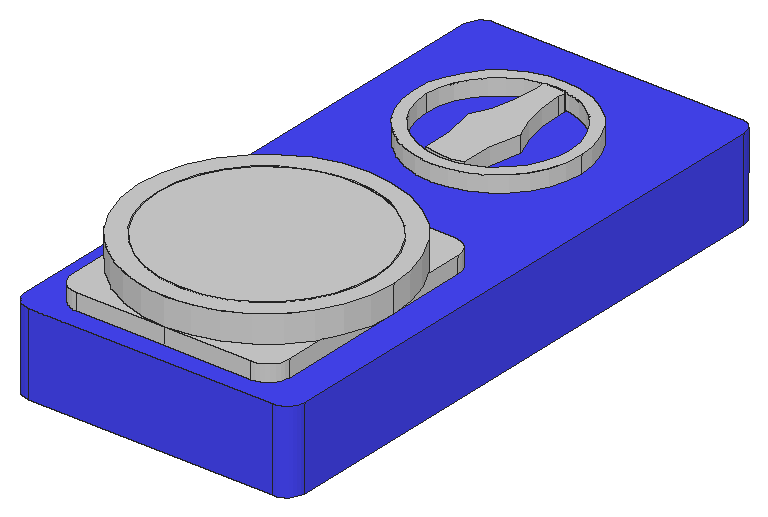
Revit family "Building-ConnessioniIEC309-GEWISS-67IB-PRESE-INTERBLOCCATE_IP67_SENZA_FONDO", category Apparecchi elettrici, host Superficie, Revit 2019
Family settings
  Host = Superficie
  Mantenere orientamento annotazione = Sì
  Quota connettore circolare = Usa diametro
  Tipo di parte = Normale
  Taglio con vuoti quando caricato = Sì
  Condiviso = Sì
  Punto di calcolo locali = Sì
Parameters (values of type "GW66357N - PR.BL IP67 S.F.3P+T 32A 380V 3H SBF")
  presa = rosso
  giallo = 0 mm
  dist_piano [instance] = 0 mm
  Vista_2d_pianta [instance] = yes
  Versione file RFA = "21.4"
  URL = "https://www.gewiss.com/it/it"
  Tipologia = "Verticale"
  Termopressione con biglia = "125 °C"
  Tensione nominale: = "380 - 440 V"
  Tensione nominale = "380 - 440 V"
  Temperatura di utilizzo = "-25 +40 °C"
  Temperatura di funzionamento = "-25 ÷ +40 °C"
  Struttura = Grigio RAL - 7035
  Simbolo presa = PRESAINDSTAGNA : 3P
  Simbolo [instance] = no
  Simb_circuito [instance] = not(Simbolo)  # yes
  Scheda Tecnica = "https://www.gewiss.com/it/it/search?q=GW66357N"
  SEO = "Presa"
  Riferimento h = "3"
  Resistenza agli urti = "IK08"
  Protezione = "NO (SBF)"
  Default Elevation = 1219.2 mm
  Produttore = "GEWISS S.p.A."
  Numero di poli = "3P+T"
  N. poli = "3P+T"
  Modello = "GW66357N"
  Immagine tipo = C.jpg
  IDT = "c02ff193-3075-4b5a-ac4b-08e79c84e21a"
  IDF = "83dda967-4c3d-4226-aae9-dec1695c669e"
  Grado di protezione = "IP67"
  Glow wire test: = "850 °C"
  Glow Wire Test = "850 °C"
  Frequenza nominale (Hz) = "50/60 Hz"
  Frequenza = "50/60 Hz"
  Distanza x [instance] = 0 mm
  Distanza orizzontale simbolo [instance] = 0 mm
  Distanza effettiva x [instance] = 1500 mm - Distanza x  # 1500 mm
  Descrizione = "PR.BL IP67 S.F.3P+T 32A 380V 3H SBF"
  Creato da GEWISS S.p.A. = ""
  Corrente nominale (In) = "32"
  Corrente nominale (A) = "32"
  Corpo presa = GEWISS -BLU
  Cornice simbolo [instance] = yes
  Con fondo = "No"
  Colore: = "Rosso"
  Colore = "Rosso"
  Codice Electrocod = "2222"
  Codice EAN = "8011564742116"
  Catalogo Serie = "67 IB"
  Catalogo = "BUILDING"
  COBie.Tagnumber = ""
  COBie.CreatedOn = ""
  COBie.CreatebBy = ""
  COBie.ComponentRegisterItemID = ""
  COBie.Component.TagNumber = ""
  COBie.Component.Space = ""
  COBie.Component.SerialNumber = ""
  COBie.Component.InstallationDate = ""
  COBie.Component.Description = ""
  COBie.Component.BarCode = ""
Types (23, lengths in mm): name | Tensione nominale: | Tensione nominale | Scheda Tecnica | Riferimento h | Numero di poli | N. poli | Modello | IDT | Descrizione | Corrente nominale (In) | Corrente nominale (A) | Colore: | Colore | Codice EAN
  GW66301N - PR.BL IP67 S.F.2P+T 16A 110V 4H SBF | "100 - 130 V" | "100 - 130 V" | "https://www.gewiss.com/it/it/search?q=GW66301N" | "4" | "2P+T" | "2P+T" | "GW66301N" | "1fb9f3ad-5e5b-49f7-bd51-87b15efa7457" | "PR.BL IP67 S.F.2P+T 16A 110V 4H SBF" | "16" | "16" | "Giallo" | "Giallo" | "8011564741560"
  GW66302N - PR.BL IP67 S.F.3P+T 16A 110V 4H SBF | "100 - 130 V" | "100 - 130 V" | "https://www.gewiss.com/it/it/search?q=GW66302N" | "4" | "3P+T" | "3P+T" | "GW66302N" | "d76a8e6a-f22b-498f-b40c-c817641f666d" | "PR.BL IP67 S.F.3P+T 16A 110V 4H SBF" | "16" | "16" | "Giallo" | "Giallo" | "8011564741577"
  GW66303N - PR.BL IP67 S.F.3P+N+T 16A 110V 4H SBF | "100 - 130 V" | "100 - 130 V" | "https://www.gewiss.com/it/it/search?q=GW66303N" | "4" | "3P+N+T" | "3P+N+T" | "GW66303N" | "fa2fca33-36dd-4127-9653-6c48f71cc3f4" | "PR.BL IP67 S.F.3P+N+T 16A 110V 4H SBF" | "16" | "16" | "Giallo" | "Giallo" | "8011564741584"
  GW66304N - PR.BL IP67 S.F.2P+T 16A 230V 6H SBF | "200 - 250 V" | "200 - 250 V" | "https://www.gewiss.com/it/it/search?q=GW66304N" | "6" | "2P+T" | "2P+T" | "GW66304N" | "d421af1f-dea4-4f3e-8455-e2db01ab88bf" | "PR.BL IP67 S.F.2P+T 16A 230V 6H SBF" | "16" | "16" | "Blu" | "Blu" | "8011564741591"
  GW66305N - PR.BL IP67 S.F.3P+T 16A 230V 9H SBF | "200 - 250 V" | "200 - 250 V" | "https://www.gewiss.com/it/it/search?q=GW66305N" | "9" | "3P+T" | "3P+T" | "GW66305N" | "4f49d35e-1477-4fb3-8ba1-6e93a982f08f" | "PR.BL IP67 S.F.3P+T 16A 230V 9H SBF" | "16" | "16" | "Blu" | "Blu" | "8011564741607"
  GW66306N - PR.BL IP67 S.F.3P+N+T 16A 230V 9H SBF | "200 - 250 V" | "200 - 250 V" | "https://www.gewiss.com/it/it/search?q=GW66306N" | "9" | "3P+N+T" | "3P+N+T" | "GW66306N" | "5e8b19e6-d986-45cf-aa7a-fde1693e1db7" | "PR.BL IP67 S.F.3P+N+T 16A 230V 9H SBF" | "16" | "16" | "Blu" | "Blu" | "8011564741614"
  GW66307N - PR.BL IP67 S.F.2P+T 16A 400V 9H SBF | "380 - 415 V" | "380 - 415 V" | "https://www.gewiss.com/it/it/search?q=GW66307N" | "9" | "2P+T" | "2P+T" | "GW66307N" | "5afcc77c-1db4-4fa3-85b9-b415a9a7cb98" | "PR.BL IP67 S.F.2P+T 16A 400V 9H SBF" | "16" | "16" | "Rosso" | "Rosso" | "8011564741621"
  GW66308N - PR.BL IP67 S.F.3P+T 16A 400V 6H SBF | "380 - 415 V" | "380 - 415 V" | "https://www.gewiss.com/it/it/search?q=GW66308N" | "6" | "3P+T" | "3P+T" | "GW66308N" | "3b46b53c-a713-49d6-a213-0c6e885ae3a7" | "PR.BL IP67 S.F.3P+T 16A 400V 6H SBF" | "16" | "16" | "Rosso" | "Rosso" | "8011564741638"
  GW66309N - PR.BL IP67 S.F.3P+N+T 16A 400V 6H SBF | "380 - 415 V" | "380 - 415 V" | "https://www.gewiss.com/it/it/search?q=GW66309N" | "6" | "3P+N+T" | "3P+N+T" | "GW66309N" | "79124a5a-4e34-40a6-9e89-7dbde872828d" | "PR.BL IP67 S.F.3P+N+T 16A 400V 6H SBF" | "16" | "16" | "Rosso" | "Rosso" | "8011564741645"
  GW66310N - PR.BL IP67 S.F.3P+T 16A 500V 7H SBF | "480 - 500 V" | "480 - 500 V" | "https://www.gewiss.com/it/it/search?q=GW66310N" | "7" | "3P+T" | "3P+T" | "GW66310N" | "0a33f502-2c97-4aad-8415-416df6868e0d" | "PR.BL IP67 S.F.3P+T 16A 500V 7H SBF" | "16" | "16" | "Nero" | "Nero" | "8011564741652"
  GW66311N - PR.BL IP67 S.F.3P+N+T 16A 500V 7H SBF | "480 - 500 V" | "480 - 500 V" | "https://www.gewiss.com/it/it/search?q=GW66311N" | "7" | "3P+N+T" | "3P+N+T" | "GW66311N" | "fe4f7bea-3d0d-41aa-8395-f3a04442719d" | "PR.BL IP67 S.F.3P+N+T 16A 500V 7H SBF" | "16" | "16" | "Nero" | "Nero" | "8011564741669"
  GW66312N - PR.BL IP67 S.F.2P+T 32A 110V 4H SBF | "100 - 130 V" | "100 - 130 V" | "https://www.gewiss.com/it/it/search?q=GW66312N" | "4" | "2P+T" | "2P+T" | "GW66312N" | "e7f30baf-6d72-433e-8267-587e6466b320" | "PR.BL IP67 S.F.2P+T 32A 110V 4H SBF" | "32" | "32" | "Giallo" | "Giallo" | "8011564741676"
  GW66313N - PR.BL IP67 S.F.3P+T 32A 110V 4H SBF | "100 - 130 V" | "100 - 130 V" | "https://www.gewiss.com/it/it/search?q=GW66313N" | "4" | "3P+T" | "3P+T" | "GW66313N" | "30e0181a-1585-4a73-8968-dd7d21b4d40a" | "PR.BL IP67 S.F.3P+T 32A 110V 4H SBF" | "32" | "32" | "Giallo" | "Giallo" | "8011564741683"
  GW66314N - PR.BL IP67 S.F.3P+N+T 32A 110V 4H SBF | "100 - 130 V" | "100 - 130 V" | "https://www.gewiss.com/it/it/search?q=GW66314N" | "4" | "3P+N+T" | "3P+N+T" | "GW66314N" | "4e80f8e2-55a5-49bf-854b-e14bd3cf1a8b" | "PR.BL IP67 S.F.3P+N+T 32A 110V 4H SBF" | "32" | "32" | "Giallo" | "Giallo" | "8011564741690"
  GW66315N - PR.BL IP67 S.F.2P+T 32A 230V 6H SBF | "200 - 250 V" | "200 - 250 V" | "https://www.gewiss.com/it/it/search?q=GW66315N" | "6" | "2P+T" | "2P+T" | "GW66315N" | "691c93a8-a2ae-407b-92ba-29b71341c377" | "PR.BL IP67 S.F.2P+T 32A 230V 6H SBF" | "32" | "32" | "Blu" | "Blu" | "8011564741706"
  GW66316N - PR.BL IP67 S.F.3P+T 32A 230V 9H SBF | "200 - 250 V" | "200 - 250 V" | "https://www.gewiss.com/it/it/search?q=GW66316N" | "9" | "3P+T" | "3P+T" | "GW66316N" | "08f4e14f-baad-43c4-b7db-831c9d60c77a" | "PR.BL IP67 S.F.3P+T 32A 230V 9H SBF" | "32" | "32" | "Blu" | "Blu" | "8011564741713"
  GW66317N - PR.BL IP67 S.F.3P+N+T 32A 230V 9H SBF | "200 - 250 V" | "200 - 250 V" | "https://www.gewiss.com/it/it/search?q=GW66317N" | "9" | "3P+N+T" | "3P+N+T" | "GW66317N" | "c6529567-d349-4355-a2bf-659be6d54e84" | "PR.BL IP67 S.F.3P+N+T 32A 230V 9H SBF" | "32" | "32" | "Blu" | "Blu" | "8011564741720"
  GW66318N - PR.BL IP67 S.F.2P+T 32A 400V 9H SBF | "380 - 415 V" | "380 - 415 V" | "https://www.gewiss.com/it/it/search?q=GW66318N" | "9" | "2P+T" | "2P+T" | "GW66318N" | "c5d3d553-e705-496f-8240-92318c7e9663" | "PR.BL IP67 S.F.2P+T 32A 400V 9H SBF" | "32" | "32" | "Rosso" | "Rosso" | "8011564741737"
  GW66319N - PR.BL IP67 S.F.3P+T 32A 400V 6H SBF | "380 - 415 V" | "380 - 415 V" | "https://www.gewiss.com/it/it/search?q=GW66319N" | "6" | "3P+T" | "3P+T" | "GW66319N" | "91aca365-0d1f-4594-a86c-8811287e9a9b" | "PR.BL IP67 S.F.3P+T 32A 400V 6H SBF" | "32" | "32" | "Rosso" | "Rosso" | "8011564741744"
  GW66320N - PR.BL IP67 S.F.3P+N+T 32A 400V 6H SBF | "380 - 415 V" | "380 - 415 V" | "https://www.gewiss.com/it/it/search?q=GW66320N" | "6" | "3P+N+T" | "3P+N+T" | "GW66320N" | "32dabdd3-fd15-4a7c-9bee-6454620550a7" | "PR.BL IP67 S.F.3P+N+T 32A 400V 6H SBF" | "32" | "32" | "Rosso" | "Rosso" | "8011564741751"
  GW66321N - PR.BL IP67 S.F.3P+T 32A 500V 7H SBF | "480 - 500 V" | "480 - 500 V" | "https://www.gewiss.com/it/it/search?q=GW66321N" | "7" | "3P+T" | "3P+T" | "GW66321N" | "90e2d996-bd20-4d8b-babf-f3dfbbf02051" | "PR.BL IP67 S.F.3P+T 32A 500V 7H SBF" | "32" | "32" | "Nero" | "Nero" | "8011564741768"
  GW66322N - PR.BL IP67 S.F.3P+N+T 32A 500V 7H SBF | "480 - 500 V" | "480 - 500 V" | "https://www.gewiss.com/it/it/search?q=GW66322N" | "7" | "3P+N+T" | "3P+N+T" | "GW66322N" | "18576ba8-5670-49af-9156-21b0f7471fcd" | "PR.BL IP67 S.F.3P+N+T 32A 500V 7H SBF" | "32" | "32" | "Nero" | "Nero" | "8011564741775"
  GW66357N - PR.BL IP67 S.F.3P+T 32A 380V 3H SBF | "380 - 440 V" | "380 - 440 V" | "https://www.gewiss.com/it/it/search?q=GW66357N" | "3" | "3P+T" | "3P+T" | "GW66357N" | "c02ff193-3075-4b5a-ac4b-08e79c84e21a" | "PR.BL IP67 S.F.3P+T 32A 380V 3H SBF" | "32" | "32" | "Rosso" | "Rosso" | "8011564742116"
Reference planes
  plane 1 "Centro (Fronte/Retro)": y = 0
  plane 2: z = 0
  plane 3 "Centro (Sinistra/Destra)": x = 0
  plane 4: z = -2
  plane 5: x = 0
  plane 6: x = -1500
  plane 7: x = 0
  plane 8: through (-170.762, -4572, -38.353) normal (-0.6157, 0, 0.788)
  plane 9: x = -51.152
  plane 10: x = 53.222
  plane 11: z = -2
  plane 12: y = -110
  plane 13: y = 110
  plane 14: z = -2
  plane 15: z = 45
Forms (mm)
  Extrusion 1, solid, detail levels coarse
    sketch origin (0, 0, 0) x (1, 0, 0) y (0, 0, 1)
      loop
        line (-51.152, 45) -> (-51.152, -2) -> (53.222, -2) -> (53.222, 45) -> (-51.152, 45)
    from -108.895 to 109.105
Lines and regions (mm)
  Masking region 1, visible <- "Vista_2d_pianta"
    outline origin (0, 0, 0) x (1, 0, 0) y (0, 0, 1)
      loop
        line (-50.384, 28) -> (-50.384, -2) -> (52.616, -2) -> (52.616, 28) -> (-50.384, 28)
  Masking region 2, visible <- "Vista_2d_pianta"
    outline origin (0, 0, 0) x (1, 0, 0) y (0, 0, 1)
      loop
        line (-40, 34) -> (-40, 28) -> (40, 28) -> (40, 34) -> (-40, 34)
  Masking region 3, visible <- "Vista_2d_pianta"
    outline origin (0, 0, 0) x (1, 0, 0) y (0, 0, 1)
      loop
        line (-46.899, 34) -> (46.899, 34) -> (46.899, 44) -> (-46.899, 44) -> (-46.899, 34)
Dimensions and locks
  locked: plane 2 to plane 4 at 2
  "Distanza effettiva x": plane 5 to plane 6
  plane 3 "Centro (Sinistra/Destra)" to plane 6 = 1500 mm
  plane 6 to plane 5 = 1500 mm
  "Distanza effettiva x": plane 6 to plane 7
  locked: plane 9 to Masking region 1 at 0.768
  locked: Masking region 1 to plane 10 at 0.606
  "dist_piano": plane 14 to plane 4
  equal spacing: plane 12, plane 1 "Centro (Fronte/Retro)", plane 13
  locked: plane 12 to plane 13 at 220
  locked: plane 11 to plane 14 at 0
  locked: plane 15 to plane 11 at 47
  angle plane 8 to plane 4 = 142.00°
  angle plane 7 to plane 8 = 128.00°
  aligned and locked: plane 2 to host face
  aligned and locked: level to host face
  aligned and locked: plane 3 "Centro (Sinistra/Destra)" to nested 1
  aligned and locked: Masking region 1 sketch curve to nested 1  (x4)
  aligned and locked: Masking region 2 sketch curve to nested 1  (x4)
  aligned and locked: Extrusion 1 sketch curve to plane 9
  aligned and locked: Extrusion 1 sketch curve to plane 10
  aligned and locked: nested 1 to plane 11
  aligned and locked: Masking region 3 sketch curve to nested 1  (x4)
  aligned and locked: Extrusion 1 to plane 14
  aligned and locked: plane 15 to Extrusion 1
  aligned and locked: plane 7 to nested 2
  aligned and locked: plane 7 to nested 3
Automatic sketch dimensions
  host sketch curve to host sketch curve = 2438.4 mm  (x2)
  Extrusion 1 sketch curve to plane 11 = 0 mm
  plane 11 to Extrusion 1 sketch curve = 47 mm
Nested families
  nested 1: "IB PRESE INTERBLOC VERT_NO FONDO" at (0, 0, -2), type "IB PRESE INTERBLOC VERT_NO FONDO", detail levels medium+fine
  nested 2: "simbolo_circuitoGW66324N" at (0, 30.442, 0), Distanza dal muro <- "Distanza orizzontale simbolo", SIMBOLO ACCESO <- "Simb_circuito", visible <- "Simb_circuito", type "3P"
    with SIMBOLO ACCESO yes, Distanza dal muro 0 mm, BORDO ACCESO yes
  nested 3: "PRESAINDPFUS_BASE" at (0, 23.722, 0), visible <- "Simbolo", type "2P"
Definition of nested family "IB PRESE INTERBLOC VERT_NO FONDO"
  Parameters (values of type "IB PRESE INTERBLOC VERT_NO FONDO")
    corpo presa = none
    Struttura = none
    Spessore = 30 mm
    Raggio = 40 mm
    Default Elevation = 14 mm
    Presa = none
    Lunghezza = 103 mm
    IFC.TypeObject = ""
    IFC.ExportType = ""
    IFC.ExportAs = ""
    H_da terra = 586.883 mm
    COBie.CreatedOn = ""
    COBie.CreatebBy = ""
    COBie.ComponentRegisterItemID = ""
    COBie.Component.TagNumber = ""
    COBie.Component.Space = ""
    COBie.Component.SerialNumber = ""
    COBie.Component.InstallationDate = ""
    COBie.Component.Description = ""
    COBie.Component.BarCode = ""
    Altezza = 220 mm
  Reference planes
    plane 1 "Centro (Fronte/Retro)": y = 0
    plane 2: z = 0
    plane 3 "Centro (Sinistra/Destra)": x = 0
    plane 4: z = 6.883
    plane 5: z = 10.499
    plane 6 "presa": z = 46
    plane 7: z = 36
    plane 8: z = 30
    plane 9: x = -40
    plane 10: x = 40
    plane 11: y = -5.355
    plane 12: y = -98.612
    plane 13: y = -51.359
  Forms (mm)
    Extrusion 1, solid, material <- "Struttura"
      sketch origin (0, -697.104, -30) x (1, 0, 0) y (0, 1, 0)
        loop
          line (-0.408, 691.748) -> (-32.003, 691.748)
          spline (-32.003, 691.748) -> (-33.047, 691.681) -> (-34.073, 691.48) -> (-35.063, 691.148) -> (-36.002, 690.693) -> (-36.871, 690.12) -> (-37.658, 689.441) -> (-38.347, 688.666) -> (-38.929, 687.809) -> (-39.391, 686.885) -> (-39.728, 685.909) -> (-39.932, 684.898) -> (-40, 683.87)
          line (-40, 683.87) -> (-40, 606.37)
          spline (-40, 606.37) -> (-39.932, 605.341) -> (-39.728, 604.331) -> (-39.391, 603.355) -> (-38.929, 602.43) -> (-38.347, 601.574) -> (-37.658, 600.799) -> (-36.871, 600.119) -> (-36.002, 599.547) -> (-35.063, 599.091) -> (-34.073, 598.76) -> (-33.047, 598.559) -> (-32.003, 598.491)
          line (-32.003, 598.491) -> (0, 598.491) -> (32.003, 598.491)
          spline (32.003, 598.491) -> (33.047, 598.559) -> (34.073, 598.76) -> (35.063, 599.091) -> (36.002, 599.547) -> (36.871, 600.119) -> (37.658, 600.799) -> (38.347, 601.574) -> (38.929, 602.43) -> (39.391, 603.355) -> (39.728, 604.331) -> (39.932, 605.341) -> (40, 606.37)
          line (40, 606.37) -> (40, 683.87)
          spline (40, 683.87) -> (39.932, 684.898) -> (39.728, 685.909) -> (39.391, 686.885) -> (38.929, 687.809) -> (38.347, 688.666) -> (37.658, 689.441) -> (36.871, 690.12) -> (36.002, 690.693) -> (35.063, 691.148) -> (34.073, 691.48) -> (33.047, 691.681) -> (32.003, 691.748)
          line (32.003, 691.748) -> (-0.408, 691.748)
      from 60 to 66
    Extrusion 2, solid, material <- "Presa"
      sketch origin (0, -700.854, -30) x (1, 0, 0) y (0, 1, 0)
        loop
          circle (0, 649.495) r 46.899
        loop
          circle (0, 649.495) r 40
      from 66 to 76
    Extrusion 3, solid, material <- "Struttura"
      sketch origin (0, -697.104, -30) x (1, 0, 0) y (0, 1, 0)
        loop
          circle (0, 752.384) r 30.831
        loop
          circle (0, 752.384) r 26.483
      from 60 to 66
    Extrusion 4, solid, material <- "Struttura"
      sketch origin (0, -697.104, -30) x (1, 0, 0) y (0, 1, 0)
        loop
          arc (-9.552, 750.899) -> (-7.429, 739.645) -> (-7.314, 728.193) r 64.983
          arc (-7.314, 728.193) -> (-0.131, 727.067) -> (7.064, 728.115) r 24.316
          arc (7.064, 728.115) -> (7.302, 739.566) -> (9.547, 750.796) r 64.983
          arc (9.547, 750.796) -> (5.519, 762.425) -> (4.215, 774.661) r 54.251
          line (4.215, 774.661) -> (4.25, 777.658)
          arc (4.25, 777.658) -> (3.985, 778.329) -> (3.336, 778.647) r 1
          arc (3.336, 778.647) -> (0.147, 778.794) -> (-3.043, 778.682) r 39.364
          arc (-3.043, 778.682) -> (-3.695, 778.371) -> (-3.967, 777.702) r 1
          line (-3.967, 777.702) -> (-3.964, 774.706)
          arc (-3.964, 774.706) -> (-5.4, 762.483) -> (-9.552, 750.899) r 54.251
      from 60 to 66
    Extrusion 5, solid, material <- "corpo presa"
      sketch origin (-2.5, -699.604, -30) x (1, 0, 0) y (0, 1, 0)
        loop
          arc (55.116, 802.193) -> (53.269, 806.652) -> (48.81, 808.499) r 6.306
          line (48.81, 808.499) -> (-41.578, 808.499)
          arc (-41.578, 808.499) -> (-46.037, 806.652) -> (-47.884, 802.193) r 6.306
          line (-47.884, 802.193) -> (-47.884, 600.052)
          arc (-47.884, 600.052) -> (-45.976, 595.446) -> (-41.369, 593.537) r 6.515
          line (-41.369, 593.537) -> (48.601, 593.537)
          arc (48.601, 593.537) -> (53.208, 595.446) -> (55.116, 600.052) r 6.515
          line (55.116, 600.052) -> (55.116, 802.193)
      from 30 to 60
    Extrusion 6, solid, material <- "Struttura", not visible
      sketch origin (0, 47.014, -580) x (1, 0, 0) y (0, 0, 1)
        loop
          line (-0.408, 691.748) -> (-29.506, 691.748)
          spline (-29.506, 691.748) -> (-30.55, 691.681) -> (-31.576, 691.48) -> (-32.567, 691.148) -> (-33.505, 690.693) -> (-34.375, 690.12) -> (-35.161, 689.441) -> (-35.851, 688.666) -> (-36.432, 687.809) -> (-36.895, 686.885) -> (-37.231, 685.909) -> (-37.435, 684.898) -> (-37.503, 683.87)
          line (-37.503, 683.87) -> (-37.503, 615.12)
          spline (-37.503, 615.12) -> (-37.435, 614.091) -> (-37.231, 613.081) -> (-36.895, 612.105) -> (-36.432, 611.18) -> (-35.851, 610.324) -> (-35.161, 609.549) -> (-34.375, 608.869) -> (-33.505, 608.297) -> (-32.567, 607.841) -> (-31.576, 607.51) -> (-30.55, 607.309) -> (-29.506, 607.241)
          line (-29.506, 607.241) -> (0, 607.241) -> (29.506, 607.241)
          spline (29.506, 607.241) -> (30.55, 607.309) -> (31.576, 607.51) -> (32.567, 607.841) -> (33.505, 608.297) -> (34.375, 608.869) -> (35.161, 609.549) -> (35.851, 610.324) -> (36.432, 611.18) -> (36.895, 612.105) -> (37.231, 613.081) -> (37.435, 614.091) -> (37.503, 615.12)
          line (37.503, 615.12) -> (37.503, 683.87)
          spline (37.503, 683.87) -> (37.435, 684.898) -> (37.231, 685.909) -> (36.895, 686.885) -> (36.432, 687.809) -> (35.851, 688.666) -> (35.161, 689.441) -> (34.375, 690.12) -> (33.505, 690.693) -> (32.567, 691.148) -> (31.576, 691.48) -> (30.55, 691.681) -> (29.506, 691.748)
          line (29.506, 691.748) -> (-0.408, 691.748)
      from 51.991 to 55.821
    Extrusion 7, solid, material <- "Presa", not visible
      sketch origin (0, 47.014, -580) x (1, 0, 0) y (0, 0, 1)
        loop
          circle (0, 646.456) r 46.899
      from 55.821 to 62.709
    Extrusion 8, solid, material <- "Struttura", not visible
      sketch origin (0, 47.014, -580) x (1, 0, 0) y (0, 0, 1)
        loop
          circle (0, 752.384) r 30.831
        loop
          circle (0, 752.384) r 26.483
      from 51.991 to 62.709
    Extrusion 9, solid, material <- "Struttura", not visible
      sketch origin (0, 47.014, -580) x (1, 0, 0) y (0, 0, 1)
        loop
          arc (-9.552, 750.899) -> (-7.429, 739.645) -> (-7.314, 728.193) r 64.983
          arc (-7.314, 728.193) -> (-0.131, 727.067) -> (7.064, 728.115) r 24.316
          arc (7.064, 728.115) -> (7.302, 739.566) -> (9.547, 750.796) r 64.983
          arc (9.547, 750.796) -> (5.519, 762.425) -> (4.215, 774.661) r 54.251
          line (4.215, 774.661) -> (4.25, 777.658)
          arc (4.25, 777.658) -> (3.985, 778.329) -> (3.336, 778.647) r 1
          arc (3.336, 778.647) -> (0.147, 778.794) -> (-3.043, 778.682) r 39.364
          arc (-3.043, 778.682) -> (-3.695, 778.371) -> (-3.967, 777.702) r 1
          line (-3.967, 777.702) -> (-3.964, 774.706)
          arc (-3.964, 774.706) -> (-5.4, 762.483) -> (-9.552, 750.899) r 54.251
      from 51.991 to 62.709
    Extrusion 10, solid, material <- "corpo presa", not visible
      sketch origin (0, 47.014, -580) x (1, 0, 0) y (0, 0, 1)
        loop
          arc (47.884, 796.962) -> (46.037, 801.42) -> (41.578, 803.267) r 6.306
          line (41.578, 803.267) -> (-41.578, 803.267)
          arc (-41.578, 803.267) -> (-46.037, 801.42) -> (-47.884, 796.962) r 6.306
          line (-47.884, 796.962) -> (-47.884, 597.014)
          arc (-47.884, 597.014) -> (-45.976, 592.407) -> (-41.369, 590.499) r 6.515
          line (-41.369, 590.499) -> (41.369, 590.499)
          arc (41.369, 590.499) -> (45.976, 592.407) -> (47.884, 597.014) r 6.515
          line (47.884, 597.014) -> (47.884, 796.962)
      from 30 to 51.991
    Extrusion 11, solid, material <- "Struttura"
      sketch origin (1.116, -3.75, 0) x (1, 0, 0) y (0, 1, 0)
        loop
          circle (-1.116, -47.609) r 40
      from 36 to 46
  Lines and regions (mm)
    symbolic lines
      curve 1: line (0, 0, 46) -> (0, -106.066, 46)
      curve 2: line (-40, -51.359, 46) -> (40, -51.359, 46)
  Dimensions and locks
    locked: plane 5 to plane 4 at 3.616
    Extrusion 5 sketch curve to Extrusion 5 sketch curve = 103 mm
    plane 6 "presa" to plane 2 = 46 mm
    locked: plane 7 to plane 6 "presa" at 10
    plane 8 to plane 2 = 30 mm
    locked: plane 8 to plane 7 at 6
    equal spacing: plane 9, plane 3 "Centro (Sinistra/Destra)", plane 10
    locked: plane 9 to plane 10 at 80
    Extrusion 1 to Extrusion 1 = 93.257 mm
    "Raggio": radius of Extrusion 11 sketch curve
    "Raggio": radius of Extrusion 2 sketch curve
    aligned and locked: level to plane 2
    aligned and locked: Extrusion 3 to Extrusion 5
    aligned and locked: Extrusion 4 to Extrusion 3
    aligned and locked: Extrusion 3 to Extrusion 4
    aligned and locked: Extrusion 2 to Extrusion 1
    aligned and locked: Extrusion 5 to level
    aligned and locked: plane 6 "presa" to Extrusion 2
    aligned and locked: Extrusion 11 to Extrusion 1
    aligned and locked: plane 6 "presa" to Extrusion 11
    aligned and locked: Extrusion 1 to plane 7
    aligned and locked: Extrusion 5 to plane 8
    aligned and locked: plane 8 to Extrusion 1
    aligned and locked: Extrusion 3 to plane 7
    aligned and locked: curve 1 to plane 3 "Centro (Sinistra/Destra)"
    aligned and locked: Extrusion 1 sketch curve to plane 9
    aligned and locked: Extrusion 1 sketch curve to plane 10
    aligned and locked: plane 12 to Extrusion 1 sketch curve
    aligned and locked: curve 2 to plane 13
    aligned and locked: plane 3 "Centro (Sinistra/Destra)" to Extrusion 11 sketch curve
    aligned and locked: plane 13 to Extrusion 11 sketch curve
  Automatic sketch dimensions
    Extrusion 1 sketch curve to plane 3 "Centro (Sinistra/Destra)" = 0 mm
    Extrusion 1 sketch curve to plane 3 "Centro (Sinistra/Destra)" = 0.408 mm
    Extrusion 1 sketch curve to Extrusion 1 sketch curve = 32.003 mm
    plane 1 "Centro (Fronte/Retro)" to Extrusion 1 sketch curve = 5.355 mm
    Extrusion 1 sketch curve to Extrusion 1 sketch curve = 7.997 mm  (x2)
    plane 3 "Centro (Sinistra/Destra)" to Extrusion 1 sketch curve = 32.003 mm
    Extrusion 1 sketch curve to Extrusion 1 sketch curve = 7.878 mm  (x3)
    Extrusion 3 sketch curve to Extrusion 3 sketch curve = 0 mm  (x2)
    Extrusion 3 sketch curve to plane 3 "Centro (Sinistra/Destra)" = 0 mm
    Extrusion 3 sketch curve to plane 1 "Centro (Fronte/Retro)" = 55.28 mm
    Extrusion 4 sketch curve to plane 3 "Centro (Sinistra/Destra)" = 0 mm
    Extrusion 4 sketch curve to plane 3 "Centro (Sinistra/Destra)" = 0.064 mm
    Extrusion 4 sketch curve to plane 3 "Centro (Sinistra/Destra)" = 2.967 mm
    Extrusion 4 sketch curve to Extrusion 4 sketch curve = 0.997 mm
    Extrusion 4 sketch curve to Extrusion 4 sketch curve = 1 mm  (x2)
    Extrusion 4 sketch curve to Extrusion 4 sketch curve = 54.251 mm
    Extrusion 4 sketch curve to Extrusion 4 sketch curve = 13.883 mm
    plane 3 "Centro (Sinistra/Destra)" to Extrusion 4 sketch curve = 3.25 mm
    Extrusion 4 sketch curve to Extrusion 4 sketch curve = 0.965 mm
    Extrusion 4 sketch curve to Extrusion 4 sketch curve = 54.25 mm
    Extrusion 4 sketch curve to Extrusion 4 sketch curve = 13.435 mm
    Extrusion 4 sketch curve to plane 1 "Centro (Fronte/Retro)" = 35.393 mm
    Extrusion 4 sketch curve to plane 1 "Centro (Fronte/Retro)" = 36.167 mm
    Extrusion 4 sketch curve to plane 1 "Centro (Fronte/Retro)" = 42.327 mm
    Extrusion 4 sketch curve to Extrusion 4 sketch curve = 11.953 mm
    Extrusion 4 sketch curve to Extrusion 4 sketch curve = 41.757 mm
    Extrusion 4 sketch curve to Extrusion 4 sketch curve = 23.278 mm
    Extrusion 4 sketch curve to Extrusion 4 sketch curve = 0.044 mm
    Extrusion 4 sketch curve to Extrusion 4 sketch curve = 41.61 mm
    Extrusion 4 sketch curve to Extrusion 4 sketch curve = 2.99 mm
    Extrusion 4 sketch curve to Extrusion 4 sketch curve = 0.007 mm
    Extrusion 4 sketch curve to Extrusion 4 sketch curve = 2.979 mm
    Extrusion 4 sketch curve to Extrusion 4 sketch curve = 0.018 mm
    Extrusion 4 sketch curve to Extrusion 4 sketch curve = 0 mm
    Extrusion 4 sketch curve to plane 3 "Centro (Sinistra/Destra)" = 7.314 mm
    Extrusion 4 sketch curve to Extrusion 4 sketch curve = 9.552 mm
    plane 3 "Centro (Sinistra/Destra)" to Extrusion 4 sketch curve = 7.064 mm
    Extrusion 5 sketch curve to plane 3 "Centro (Sinistra/Destra)" = 50.384 mm
    Extrusion 5 sketch curve to Extrusion 5 sketch curve = 6.306 mm  (x2)
    Extrusion 5 sketch curve to Extrusion 5 sketch curve = 6.515 mm  (x2)
    Extrusion 5 sketch curve to plane 1 "Centro (Fronte/Retro)" = 102.59 mm
    Extrusion 1 sketch curve to plane 12 = 7.878 mm
    plane 12 to Extrusion 5 sketch curve = 0.939 mm
    plane 1 "Centro (Fronte/Retro)" to curve 1 = 0 mm
    curve 2 to plane 9 = 0 mm
    curve 2 to plane 10 = 0 mm
    plane 12 to curve 1 = 7.454 mm
    Extrusion 2 sketch curve to Extrusion 2 sketch curve = 0 mm  (x2)
    Extrusion 2 sketch curve to plane 3 "Centro (Sinistra/Destra)" = 0 mm
    Extrusion 2 sketch curve to plane 13 = 0 mm
    radius of Extrusion 3 sketch curve = 30.831 mm
    radius of Extrusion 3 sketch curve = 26.483 mm
    radius of Extrusion 2 sketch curve = 46.899 mm
Definition of nested family "simbolo_circuitoGW66324N"
  Parameters (values of type "3P")
    SIMBOLO ACCESO [instance] = yes
    SIMBOLO = PRESAINDSTAGNA_BASE : 3P
    Distanza dal muro [instance] = 0 mm
    BORDO ACCESO [instance] = yes
  Reference planes
    plane 1: y = 0
    plane 2: x = 0
  Dimensions and locks
    "Distanza dal muro": plane 1 to nested 1
    aligned and locked: plane 2 to nested 1
  Nested families
    nested 1: "GW66201N-simb_base_di circuito" at (0, 0, 0), visible <- "SIMBOLO ACCESO", type "3P"
      with CORNICE SIMBOLO yes
  Definition of nested family "GW66201N-simb_base_di circuito"
    Parameters (values of type "3P")
      CORNICE SIMBOLO [instance] = yes
      3P = yes
    Types (2, lengths in mm): name | 3P
      3P | yes
      2P | no
    Reference planes
      plane 1: y = 0
      plane 2: x = 0
    Lines and regions (mm)
      detail lines, not visible
        curve 1: line (-2.443, 10.208, 0) -> (2.057, 10.208, 0)
        curve 2: line (2.057, 10.208, 0) -> (2.057, 4.208, 0)
        curve 3: line (2.057, 4.208, 0) -> (-2.443, 4.208, 0)
        curve 4: line (-2.443, 4.208, 0) -> (-2.443, 10.208, 0)
        curve 5: line (-2.043, 9.808, 0) -> (1.657, 9.808, 0)
        curve 6: line (1.657, 9.808, 0) -> (1.657, 4.608, 0)
        curve 7: line (1.657, 4.608, 0) -> (-2.043, 4.608, 0)
        curve 8: line (-2.043, 4.608, 0) -> (-2.043, 9.808, 0)
    Dimensions and locks
      aligned and locked: import instance to plane 2
      aligned and locked: plane 1 to import instance
Definition of nested family "PRESAINDPFUS_BASE"
  Parameters (values of type "2P")
    DIS [instance] = 0 mm
    CORNICE SIMBOLO [instance] = yes
    3P = no
  Reference planes
    plane 1: y = 0
    plane 2: x = 0
  Lines and regions (mm)
    detail lines, visible <- "CORNICE SIMBOLO"
      curve 1: line (-0.9, 2.3, 0) -> (0.9, 2.3, 0)
      curve 2: line (0.9, 2.3, 0) -> (0.9, 0, 0)
      curve 3: line (0.9, 0, 0) -> (-0.9, 0, 0)
      curve 4: line (-0.9, 0, 0) -> (-0.9, 2.3, 0)
    detail lines, not visible
      curve 5: line (-2.443, 10.208, 0) -> (2.057, 10.208, 0)
      curve 6: line (2.057, 10.208, 0) -> (2.057, 4.208, 0)
      curve 7: line (2.057, 4.208, 0) -> (-2.443, 4.208, 0)
      curve 8: line (-2.443, 4.208, 0) -> (-2.443, 10.208, 0)
      curve 9: line (-2.043, 9.808, 0) -> (1.657, 9.808, 0)
      curve 10: line (1.657, 9.808, 0) -> (1.657, 4.608, 0)
      curve 11: line (1.657, 4.608, 0) -> (-2.043, 4.608, 0)
      curve 12: line (-2.043, 4.608, 0) -> (-2.043, 9.808, 0)
      curve 35: line (-0.45, 0.969, 0) -> (-0.167, 0.969, 0)
      curve 36: line (-0.167, 0.969, 0) -> (0.33, 1.829, 0)
      curve 37: line (0.33, 1.829, 0) -> (0.836, 1.536, 0)
      curve 38: line (-0.167, 0.969, 0) -> (-0.45, 0.478, 0)
      curve 39: line (-0.45, 0.478, 0) -> (-0.45, 2.241, 0)
      curve 40: line (0.135, 1.491, 0) -> (0.641, 1.199, 0)
      curve 41: line (-0.84, 0.478, 0) -> (-0.06, 0.478, 0)
      curve 42: line (-0.45, 0.852, 0) -> (-0.333, 0.969, 0)
      curve 43: line (-0.45, 0.783, 0) -> (-0.264, 0.969, 0)
      curve 44: line (-0.45, 0.714, 0) -> (-0.195, 0.969, 0)
      curve 45: line (-0.45, 0.645, 0) -> (-0.223, 0.872, 0)
      curve 46: line (-0.45, 0.576, 0) -> (-0.317, 0.709, 0)
      curve 48: arc (-0.84, 0.089, 0) -> (-0.45, 0.478, 0) -> (-0.06, 0.089, 0) r 0.39
      curve 49: line (-0.608, 1.143, 0) -> (-0.608, 1.964, 0)
      curve 50: line (-0.608, 1.964, 0) -> (-0.292, 1.964, 0)
      curve 51: line (-0.292, 1.964, 0) -> (-0.292, 1.143, 0)
      curve 52: line (-0.292, 1.143, 0) -> (-0.608, 1.143, 0)
    detail lines
      curve 13: line (-0.45, 0.969, 0) -> (-0.167, 0.969, 0)
      curve 14: line (-0.167, 0.969, 0) -> (0.33, 1.829, 0)
      curve 15: line (0.33, 1.829, 0) -> (0.836, 1.536, 0)
      curve 16: line (-0.167, 0.969, 0) -> (-0.45, 0.478, 0)
      curve 17: line (-0.45, 0.478, 0) -> (-0.45, 2.241, 0)
      curve 18: line (0.135, 1.491, 0) -> (0.641, 1.199, 0)
      curve 19: line (-0.84, 0.478, 0) -> (-0.06, 0.478, 0)
      curve 20: line (-0.45, 0.852, 0) -> (-0.333, 0.969, 0)
      curve 21: line (-0.45, 0.783, 0) -> (-0.264, 0.969, 0)
      curve 22: line (-0.45, 0.714, 0) -> (-0.195, 0.969, 0)
      curve 23: line (-0.45, 0.645, 0) -> (-0.223, 0.872, 0)
      curve 24: line (-0.45, 0.576, 0) -> (-0.317, 0.709, 0)
      curve 26: arc (-0.84, 0.089, 0) -> (-0.45, 0.478, 0) -> (-0.06, 0.089, 0) r 0.39
      curve 27: line (-0.608, 1.143, 0) -> (-0.608, 1.964, 0)
      curve 28: line (-0.608, 1.964, 0) -> (-0.292, 1.964, 0)
      curve 29: line (-0.292, 1.964, 0) -> (-0.292, 1.143, 0)
      curve 30: line (-0.292, 1.143, 0) -> (-0.608, 1.143, 0)
    detail lines, visible <- "3P"
      curve 25: line (-0.06, 1.154, 0) -> (0.446, 0.861, 0)
    detail lines, visible <- "CORNICE SIMBOLO", not visible
      curve 31: line (-0.9, 2.3, 0) -> (0.9, 2.3, 0)
      curve 32: line (0.9, 2.3, 0) -> (0.9, 0, 0)
      curve 33: line (0.9, 0, 0) -> (-0.9, 0, 0)
      curve 34: line (-0.9, 0, 0) -> (-0.9, 2.3, 0)
    detail lines, visible <- "3P", not visible
      curve 47: line (-0.06, 1.154, 0) -> (0.446, 0.861, 0)
  Dimensions and locks
    "DIS": plane 1 to curve 3
